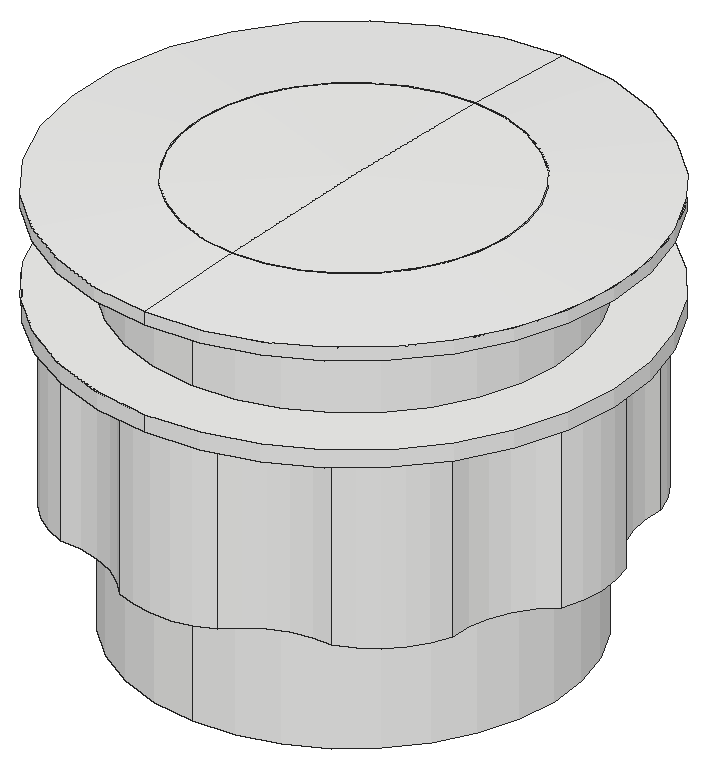
Revit family "Electronics_Masking-Generators_Biamp_Qt-Patient-Privacy-System_Emitter-W", category Communication Devices, host Face, Revit 2020 (continued)
Automatic sketch dimensions
  Extrusion 17 sketch curve to Extrusion 17 sketch curve = 0"  (x2)
  Extrusion 17 sketch curve to curve 4 = 0"
  curve 4 to Extrusion 17 sketch curve = 2.42126"
  curve 4 to Extrusion 17 sketch curve = 14.3079"
  Extrusion 17 sketch curve to Extrusion 17 sketch curve = 2.42126"  (x2)
  Extrusion 17 sketch curve to curve 4 = 2.42126"
  Extrusion 17 sketch curve to Extrusion 17 sketch curve = 1.26181"
  Sweep 18 sketch curve to curve 4 = 17.85746"
  curve 4 to Sweep 18 sketch curve = 12.16535"
  Sweep 18 sketch curve to curve 4 = 12.16535"
  Sweep 18 sketch curve to profile plane = 0"  (x3)
  profile plane to Sweep 18 sketch curve = 0.07874"
  Sweep 18 sketch curve to Sweep 18 sketch curve = 1.49606"  (x4)
  Sweep 18 sketch curve to profile plane = 4.84252"
  Sweep 18 sketch curve to Sweep 18 sketch curve = 0.07874"
  Sweep 18 sketch curve to profile plane = 0.07874"  (x2)
  Sweep 18 to Extrusion 19 sketch curve = 0.07874"
  Extrusion 19 sketch curve to Sweep 18 = 0"  (x3)
  Extrusion 19 sketch curve to Extrusion 19 sketch curve = 0.82677"
  Extrusion 19 sketch curve to Extrusion 19 sketch curve = 0.07874"  (x2)
  Extrusion 19 sketch curve to Sweep 18 = 0.59055"
  Extrusion 20 sketch curve to Sweep 18 = 0"  (x2)
  Sweep 18 to Extrusion 20 sketch curve = 0"
  Sweep 18 to Extrusion 20 sketch curve = 0.07874"
  Extrusion 20 sketch curve to Extrusion 20 sketch curve = 0.82677"
  Extrusion 20 sketch curve to Extrusion 20 sketch curve = 0.07874"  (x2)
  Sweep 18 to Extrusion 20 sketch curve = 0.59055"
  Extrusion 21 sketch curve to Sweep 18 = 0"  (x2)
  Sweep 18 to Extrusion 21 sketch curve = 25.15748"
  Sweep 18 to Extrusion 21 sketch curve = 25.23622"
  Extrusion 21 sketch curve to Extrusion 21 sketch curve = 0.82677"
  Extrusion 21 sketch curve to Extrusion 21 sketch curve = 0.07874"  (x2)
  Extrusion 21 sketch curve to Sweep 18 = 0.59055"
  Extrusion 22 sketch curve to Sweep 18 = 0"  (x2)
  Sweep 18 to Extrusion 22 sketch curve = 25.15748"
  Sweep 18 to Extrusion 22 sketch curve = 25.23622"
  Extrusion 22 sketch curve to Extrusion 22 sketch curve = 0.82677"
  Extrusion 22 sketch curve to Extrusion 22 sketch curve = 0.07874"  (x2)
  Sweep 18 to Extrusion 22 sketch curve = 0.59055"
  Sweep 23 sketch curve to level = 1.23668"
  Sweep 23 sketch curve to plane 1 "Center (Front/Back)" = 0.55221"
  Sweep 23 sketch curve to Sweep 23 sketch curve = 0.94094"
  Sweep 23 sketch curve to Sweep 23 sketch curve = 0.81102"
  Sweep 23 sketch curve to Sweep 23 sketch curve = 1.42618"
  Sweep 23 sketch curve to Sweep 23 sketch curve = 0"  (x18)
  Sweep 23 sketch curve to profile plane = 0.0092"  (x2)
  Sweep 23 sketch curve to profile plane = 0.0683"  (x2)
  Sweep 23 sketch curve to Sweep 23 sketch curve = 0.0739"
  Sweep 23 sketch curve to Sweep 23 sketch curve = 0.04123"  (x2)
  Sweep 23 sketch curve to Sweep 23 sketch curve = 0.02486"  (x2)
  Sweep 23 sketch curve to Sweep 23 sketch curve = 0.0406"  (x2)
  Sweep 23 sketch curve to Sweep 23 sketch curve = 0.07874"
  Sweep 23 sketch curve to Sweep 23 sketch curve = 0.02368"  (x2)
  Sweep 23 sketch curve to plane 3 "Center (Left/Right)" = 0.31806"
  Sweep 23 sketch curve to Sweep 23 sketch curve = 0.04053"  (x2)
  Sweep 23 sketch curve to Sweep 23 sketch curve = 0.03244"
  Sweep 23 sketch curve to Sweep 23 sketch curve = 0.0351"  (x2)
  Sweep 23 sketch curve to plane 3 "Center (Left/Right)" = 0.12412"
  Sweep 23 sketch curve to plane 3 "Center (Left/Right)" = 0.111"
  plane 3 "Center (Left/Right)" to Sweep 23 sketch curve = 0.111"
  Sweep 23 sketch curve to Sweep 23 sketch curve = 0.01312"
  Sweep 23 sketch curve to Sweep 23 sketch curve = 0.11832"
  Sweep 23 sketch curve to Sweep 23 sketch curve = 0.02357"
  Sweep 23 sketch curve to profile plane = 0.0148"  (x2)
  Revolve 24 sketch curve to level = 0"
  Revolve 24 sketch curve to plane 1 "Center (Front/Back)" = 0"  (x2)
  level to Revolve 24 sketch curve = 0.18201"
  plane 1 "Center (Front/Back)" to Revolve 24 sketch curve = 0.47679"
  level to Revolve 24 sketch curve = 0.14035"
  Revolve 24 sketch curve to Revolve 24 sketch curve = 2.47596"
  Revolve 24 sketch curve to plane 1 "Center (Front/Back)" = 0.16867"
  Revolve 24 sketch curve to Revolve 24 sketch curve = 11.65138"
  plane 1 "Center (Front/Back)" to Revolve 24 sketch curve = 0"
  Revolve 24 sketch curve to Revolve 24 sketch curve = 0.33877"
  Revolve 24 sketch curve to Revolve 24 sketch curve = 0.19685"
  Revolve 24 sketch curve to Revolve 24 sketch curve = 0.20302"
  Revolve 24 sketch curve to Revolve 24 sketch curve = 1.11409"
  Revolve 26 sketch curve to curve 1 = 0"  (x2)
  Revolve 26 sketch curve to curve 1 = 0.35442"  (x2)
  Revolve 26 sketch curve to Revolve 26 sketch curve = 0.48967"
  Revolve 26 sketch curve to Revolve 26 sketch curve = 0.12798"
  Revolve 26 sketch curve to Revolve 26 sketch curve = 0.30224"
  Revolve 26 sketch curve to Revolve 26 sketch curve = 0.40354"
  Revolve 26 sketch curve to curve 1 = 0.08916"
  Revolve 26 sketch curve to Revolve 26 sketch curve = 2.77428"
  Revolve 26 sketch curve to Revolve 26 sketch curve = 0.51684"
  Revolve 26 sketch curve to curve 1 = 8.10858"
  Revolve 26 sketch curve to Revolve 26 sketch curve = 1.25"
  Revolve 26 sketch curve to curve 1 = 1.6436"
  Revolve 26 sketch curve to curve 1 = 5.73407"
  Extrusion 27 sketch curve to plane 3 "Center (Left/Right)" = 0"
  Masking region 1 sketch curve to level = 0"
  plane 1 "Center (Front/Back)" to Masking region 1 sketch curve = 1.20079"
  Masking region 1 sketch curve to plane 1 "Center (Front/Back)" = 1.20079"
  Masking region 1 sketch curve to Masking region 1 sketch curve = 0.3937"
  Masking region 2 sketch curve to plane 1 "Center (Front/Back)" = 0"  (x2)
  plane 1 "Center (Front/Back)" to Masking region 2 sketch curve = 0.52392"
  level to Masking region 2 sketch curve = 0.3937"
  plane 1 "Center (Front/Back)" to Masking region 2 sketch curve = 0.91337"
  Masking region 2 sketch curve to plane 1 "Center (Front/Back)" = 0.52392"
  Masking region 2 sketch curve to plane 1 "Center (Front/Back)" = 0.91337"
  Masking region 2 sketch curve to Masking region 2 sketch curve = 2.69747"
  Masking region 2 sketch curve to Masking region 2 sketch curve = 0.07363"
  plane 1 "Center (Front/Back)" to Masking region 2 sketch curve = 0.34418"
  Masking region 2 sketch curve to Masking region 2 sketch curve = 0.39317"
  Masking region 2 sketch curve to Masking region 2 sketch curve = 0.04837"
  plane 1 "Center (Front/Back)" to Masking region 2 sketch curve = 0.59677"
  Masking region 2 sketch curve to plane 1 "Center (Front/Back)" = 0.34418"
  Masking region 2 sketch curve to Masking region 2 sketch curve = 0.55538"  (x2)
  Masking region 2 sketch curve to plane 1 "Center (Front/Back)" = 0.59677"
  Masking region 2 sketch curve to Masking region 2 sketch curve = 0.24907"
  Masking region 2 sketch curve to Masking region 2 sketch curve = 0.035"
  plane 1 "Center (Front/Back)" to Masking region 2 sketch curve = 0.3477"
  Masking region 3 sketch curve to curve 3 = 1.88976"
  curve 3 to Masking region 3 sketch curve = 2.44094"
  curve 3 to Masking region 3 sketch curve = 1.69291"
  Masking region 3 sketch curve to curve 3 = 1.69291"
  plane 1 "Center (Front/Back)" to Masking region 4 sketch curve = 0"  (x2)
  Masking region 4 sketch curve to plane 3 "Center (Left/Right)" = 2.84917"
  Masking region 4 sketch curve to plane 3 "Center (Left/Right)" = 1.50182"  (x2)
  plane 3 "Center (Left/Right)" to Masking region 4 sketch curve = 1.50182"  (x2)
  Masking region 4 sketch curve to Masking region 4 sketch curve = 1.34735"
  plane 1 "Center (Front/Back)" to Masking region 4 sketch curve = 1.00394"  (x2)
  Masking region 4 sketch curve to Masking region 4 sketch curve = 0.19685"  (x2)
  Masking region 4 sketch curve to plane 1 "Center (Front/Back)" = 1.00394"  (x2)
  Masking region 4 sketch curve to Masking region 4 sketch curve = 0"  (x2)
  Masking region 5 sketch curve to Masking region 5 sketch curve = 0"  (x4)
  plane 1 "Center (Front/Back)" to Masking region 5 sketch curve = 0"  (x2)
  Masking region 5 sketch curve to plane 3 "Center (Left/Right)" = 2.84917"
  Masking region 5 sketch curve to Masking region 5 sketch curve = 1.12652"  (x3)
  plane 1 "Center (Front/Back)" to Masking region 5 sketch curve = 0.91337"
  Masking region 5 sketch curve to Masking region 5 sketch curve = 0.04015"  (x2)
  plane 3 "Center (Left/Right)" to Masking region 5 sketch curve = 1.68249"  (x2)
  Masking region 5 sketch curve to plane 1 "Center (Front/Back)" = 0.91337"
  Masking region 7 sketch curve to curve 3 = 1.88976"
  curve 3 to Masking region 7 sketch curve = 2.44094"
  curve 3 to Masking region 7 sketch curve = 1.69291"
  Masking region 7 sketch curve to curve 3 = 1.69291"
  curve 7 to curve 4 = 1.78074"
  curve 7 to curve 4 = 3.75112"
  curve 4 to curve 7 = 2.54997"
  Masking region 8 sketch curve to curve 7 = 0"
  curve 7 to Masking region 8 sketch curve = 0.07874"
  curve 7 to Masking region 8 sketch curve = 10.38461"
  curve 7 to Masking region 9 sketch curve = 0.12871"
  curve 7 to Masking region 9 sketch curve = 0.07874"
  curve 7 to Masking region 9 sketch curve = 0.64052"
  Masking region 9 sketch curve to curve 7 = 4.88189"
  curve 7 to Masking region 10 sketch curve = 1.5748"
  Masking region 10 sketch curve to curve 7 = 9.53665"
  curve 7 to Masking region 10 sketch curve = 0.07874"
  curve 7 to Masking region 10 sketch curve = 10.30587"
  Masking region 11 sketch curve to curve 7 = 0"
  curve 7 to Masking region 11 sketch curve = 0.09843"
  curve 7 to Masking region 11 sketch curve = 0.97517"
  Masking region 11 sketch curve to curve 7 = 0.20594"
  curve 7 to Masking region 12 sketch curve = 0.09843"
  curve 7 to Masking region 12 sketch curve = 1.20942"
  Masking region 12 sketch curve to Masking region 12 sketch curve = 0.3563"  (x2)
  Masking region 12 sketch curve to curve 7 = 0.44019"
  Masking region 12 sketch curve to Masking region 12 sketch curve = 1.15567"
  Masking region 12 sketch curve to Masking region 12 sketch curve = 0.35087"  (x2)
  Masking region 13 sketch curve to Masking region 13 sketch curve = 0"  (x10)
  Masking region 13 sketch curve to curve 7 = 0.02471"
  Masking region 13 sketch curve to curve 7 = 0.01486"
  curve 7 to Masking region 13 sketch curve = 0.01406"
  curve 7 to Masking region 13 sketch curve = 0.02489"
  Masking region 13 sketch curve to Masking region 13 sketch curve = 0.03802"  (x3)
  curve 7 to Masking region 13 sketch curve = 0.05907"  (x2)
  curve 7 to Masking region 13 sketch curve = 0.13452"
  Masking region 13 sketch curve to Masking region 13 sketch curve = 0.03975"  (x3)
  curve 7 to Masking region 13 sketch curve = 0.08043"  (x2)
  Masking region 13 sketch curve to Masking region 13 sketch curve = 0.03621"  (x2)
  Masking region 13 sketch curve to Masking region 13 sketch curve = 0.03402"  (x2)
  Masking region 13 sketch curve to Masking region 13 sketch curve = 0.00017"  (x2)
  curve 7 to Masking region 13 sketch curve = 1.20942"
  Masking region 13 sketch curve to curve 7 = 0.24595"  (x2)
  Masking region 13 sketch curve to Masking region 13 sketch curve = 0.42416"
  curve 7 to Masking region 13 sketch curve = 0.07149"
  curve 7 to Masking region 13 sketch curve = 0.56461"
  Masking region 13 sketch curve to Masking region 13 sketch curve = 0.03005"
  curve 7 to Masking region 13 sketch curve = 0.24952"  (x2)
  curve 7 to Masking region 13 sketch curve = 0.18812"
  Masking region 13 sketch curve to Masking region 13 sketch curve = 0.01083"
  curve 7 to Masking region 13 sketch curve = 0.25083"
  Masking region 13 sketch curve to curve 7 = 1.50731"
  Masking region 13 sketch curve to Masking region 13 sketch curve = 0.04664"
  Masking region 13 sketch curve to curve 7 = 0.25083"
  Masking region 13 sketch curve to Masking region 13 sketch curve = 0.00131"
  Masking region 13 sketch curve to Masking region 13 sketch curve = 0.0067"  (x2)
  Masking region 13 sketch curve to Masking region 13 sketch curve = 0.0057"  (x2)
  Masking region 13 sketch curve to Masking region 13 sketch curve = 0.006"
  Masking region 13 sketch curve to Masking region 13 sketch curve = 0.01494"  (x2)
  Masking region 13 sketch curve to curve 7 = 1.99267"
  Masking region 13 sketch curve to curve 7 = 0.44019"
  Masking region 14 sketch curve to curve 7 = 0"
  curve 7 to Masking region 14 sketch curve = 0.09843"
  curve 7 to Masking region 14 sketch curve = 0.97517"
  Masking region 14 sketch curve to curve 7 = 0.20594"
  curve 7 to Masking region 15 sketch curve = 0.15748"
  Masking region 15 sketch curve to curve 7 = 11.45003"
  curve 7 to Masking region 15 sketch curve = 12.21926"
  Masking region 15 sketch curve to Masking region 15 sketch curve = 0.05906"
  curve 7 to Masking region 16 sketch curve = 1.20942"
  Masking region 16 sketch curve to Masking region 16 sketch curve = 0.3563"  (x2)
  Masking region 16 sketch curve to curve 7 = 0.79649"
  Masking region 16 sketch curve to curve 7 = 1.60497"  (x2)
  Masking region 16 sketch curve to Masking region 16 sketch curve = 0.35087"
  curve 7 to Masking region 16 sketch curve = 0.15748"
  Masking region 17 sketch curve to Masking region 17 sketch curve = 0"  (x8)
  Masking region 17 sketch curve to curve 7 = 0.2405"
  Masking region 17 sketch curve to Masking region 17 sketch curve = 0.0194"
  Masking region 17 sketch curve to Masking region 17 sketch curve = 0.037"
  Masking region 17 sketch curve to Masking region 17 sketch curve = 0.03892"  (x2)
  Masking region 17 sketch curve to Masking region 17 sketch curve = 0.03529"
  Masking region 17 sketch curve to Masking region 17 sketch curve = 0.00099"  (x2)
  Masking region 17 sketch curve to curve 7 = 0.10729"
  Masking region 17 sketch curve to Masking region 17 sketch curve = 0.03937"  (x2)
  Masking region 17 sketch curve to Masking region 17 sketch curve = 0.03212"
  Masking region 17 sketch curve to Masking region 17 sketch curve = 0.00242"  (x2)
  curve 7 to Masking region 17 sketch curve = 1.20942"
  Masking region 17 sketch curve to curve 7 = 0.45526"  (x2)
  Masking region 17 sketch curve to Masking region 17 sketch curve = 1.08034"
  curve 7 to Masking region 17 sketch curve = 0.24252"
  curve 7 to Masking region 17 sketch curve = 0.8026"
  Masking region 17 sketch curve to Masking region 17 sketch curve = 0.03455"
  Masking region 17 sketch curve to Masking region 17 sketch curve = 0.03861"
  curve 7 to Masking region 17 sketch curve = 0.43436"
  Masking region 17 sketch curve to Masking region 17 sketch curve = 0.03628"
  curve 7 to Masking region 17 sketch curve = 0.37578"
  Masking region 17 sketch curve to Masking region 17 sketch curve = 0.02132"
  curve 7 to Masking region 17 sketch curve = 0.44255"
  Masking region 17 sketch curve to curve 7 = 1.47012"
  Masking region 17 sketch curve to Masking region 17 sketch curve = 0.04257"
  Masking region 17 sketch curve to curve 7 = 0.44255"
  Masking region 17 sketch curve to Masking region 17 sketch curve = 0.00819"
  Masking region 17 sketch curve to curve 7 = 0.24252"
  Masking region 17 sketch curve to Masking region 17 sketch curve = 0.01475"  (x2)
  curve 7 to Masking region 17 sketch curve = 2.0098"
  Masking region 17 sketch curve to curve 7 = 0.44019"
  Masking region 18 sketch curve to level = 0"
  Masking region 18 sketch curve to plane 3 "Center (Left/Right)" = 0.84394"
  plane 3 "Center (Left/Right)" to Masking region 18 sketch curve = 0.84394"
  Masking region 18 sketch curve to Masking region 18 sketch curve = 2.10881"
  Masking region 18 sketch curve to level = 6.33476"
  Masking region 18 sketch curve to Masking region 18 sketch curve = 0"
  Masking region 18 sketch curve to Masking region 18 sketch curve = 0.14035"  (x2)
  Masking region 19 sketch curve to plane 3 "Center (Left/Right)" = 0.33877"
  plane 3 "Center (Left/Right)" to Masking region 19 sketch curve = 0.33877"
  Masking region 19 sketch curve to plane 3 "Center (Left/Right)" = 0.4356"
  plane 3 "Center (Left/Right)" to Masking region 19 sketch curve = 0.4356"
  level to Masking region 19 sketch curve = 0.4751"
  Masking region 19 sketch curve to Masking region 19 sketch curve = 0.68895"
  curve 1 to curve 8 = 0.40996"
  curve 8 to curve 1 = 1.19451"
  curve 1 to curve 8 = 1.47516"
  Masking region 20 sketch curve to plane 3 "Center (Left/Right)" = 0.05877"
  plane 3 "Center (Left/Right)" to Masking region 20 sketch curve = 0.05877"
  Masking region 21 sketch curve to curve 8 = 0"
  curve 8 to Masking region 21 sketch curve = 0.04227"  (x2)
  Masking region 21 sketch curve to curve 8 = 2.89969"
  Masking region 21 sketch curve to curve 8 = 0.45903"
  curve 8 to Masking region 21 sketch curve = 0.27732"
  Masking region 21 sketch curve to Masking region 21 sketch curve = 0.29954"  (x2)
  Masking region 21 sketch curve to curve 8 = 0.85751"
  curve 8 to Masking region 21 sketch curve = 0.17838"
  curve 8 to Masking region 21 sketch curve = 2.61904"
  curve 8 to Masking region 21 sketch curve = 0.91063"  (x2)
  curve 8 to Masking region 21 sketch curve = 1.42747"  (x2)
  curve 8 to Masking region 21 sketch curve = 8.10858"
  Masking region 22 sketch curve to curve 7 = 0"
  curve 7 to Masking region 22 sketch curve = 0.09843"
  curve 7 to Masking region 22 sketch curve = 0.92398"
  Masking region 22 sketch curve to curve 7 = 0.15476"
  curve 7 to Masking region 23 sketch curve = 1.15657"
  curve 7 to Masking region 23 sketch curve = 0.09843"
  curve 7 to Masking region 23 sketch curve = 1.01011"
  Masking region 23 sketch curve to curve 7 = 0.24088"
  Masking region 24 sketch curve to level = 0"
  Masking region 24 sketch curve to plane 3 "Center (Left/Right)" = 1.81299"
  plane 3 "Center (Left/Right)" to Masking region 24 sketch curve = 1.81299"
  Masking region 24 sketch curve to Masking region 24 sketch curve = 0.3937"
  Masking region 25 sketch curve to plane 3 "Center (Left/Right)" = 1.81299"
  Masking region 25 sketch curve to Masking region 25 sketch curve = 0.0703"  (x2)
  plane 3 "Center (Left/Right)" to Masking region 25 sketch curve = 1.74269"
  level to Masking region 25 sketch curve = 0.3937"  (x2)
  Masking region 25 sketch curve to Masking region 25 sketch curve = 3.22522"  (x2)
  Masking region 26 sketch curve to plane 3 "Center (Left/Right)" = 1.69291"
  plane 3 "Center (Left/Right)" to Masking region 26 sketch curve = 1.69291"
  Masking region 26 sketch curve to level = 2.51969"
  level to Masking region 26 sketch curve = 1.81102"
  Masking region 27 sketch curve to plane 1 "Center (Front/Back)" = 1.87008"
  Masking region 27 sketch curve to plane 3 "Center (Left/Right)" = 0"
  plane 1 "Center (Front/Back)" to Masking region 28 sketch curve = 2.5"
  Masking region 28 sketch curve to plane 3 "Center (Left/Right)" = 14"
  plane 3 "Center (Left/Right)" to Masking region 28 sketch curve = 14"
  Masking region 28 sketch curve to plane 1 "Center (Front/Back)" = 2.5"
  Masking region 29 sketch curve to Masking region 29 sketch curve = 0"  (x2)
  plane 1 "Center (Front/Back)" to Masking region 29 sketch curve = 0"
  Masking region 29 sketch curve to plane 3 "Center (Left/Right)" = 0"
  Masking region 29 sketch curve to plane 1 "Center (Front/Back)" = 0.27559"  (x2)
  Masking region 29 sketch curve to plane 3 "Center (Left/Right)" = 1.67033"
  plane 1 "Center (Front/Back)" to Masking region 29 sketch curve = 0.27559"  (x2)
  Masking region 29 sketch curve to Masking region 29 sketch curve = 1.12013"  (x2)
  plane 3 "Center (Left/Right)" to Masking region 29 sketch curve = 1.67033"
  Masking region 31 sketch curve to plane 1 "Center (Front/Back)" = 3.99606"
  Masking region 31 sketch curve to plane 3 "Center (Left/Right)" = 12.16535"
  plane 1 "Center (Front/Back)" to Masking region 31 sketch curve = 2.42126"
  Masking region 31 sketch curve to Masking region 31 sketch curve = 0"  (x2)
  plane 3 "Center (Left/Right)" to Masking region 31 sketch curve = 12.16535"
  Masking region 31 sketch curve to Masking region 31 sketch curve = 1.5748"  (x2)
  plane 1 "Center (Front/Back)" to Masking region 30 sketch curve = 0"
  Masking region 30 sketch curve to plane 3 "Center (Left/Right)" = 0"
  Masking region 30 sketch curve to plane 3 "Center (Left/Right)" = 2.42126"
  plane 3 "Center (Left/Right)" to Masking region 30 sketch curve = 2.42126"
  plane 1 "Center (Front/Back)" to Masking region 30 sketch curve = 2.42126"
  Masking region 30 sketch curve to plane 1 "Center (Front/Back)" = 2.42126"
  Masking region 32 sketch curve to plane 1 "Center (Front/Back)" = 3.48425"
  Masking region 32 sketch curve to plane 3 "Center (Left/Right)" = 13.07087"
  Masking region 32 sketch curve to Masking region 32 sketch curve = 0"  (x2)
  Masking region 32 sketch curve to Masking region 32 sketch curve = 0.99926"  (x4)
  Masking region 32 sketch curve to plane 1 "Center (Front/Back)" = 2.5"
  plane 3 "Center (Left/Right)" to Masking region 32 sketch curve = 12.0716"
  plane 1 "Center (Front/Back)" to Masking region 32 sketch curve = 2.5"  (x2)
  Masking region 32 sketch curve to Masking region 32 sketch curve = 0.98425"  (x4)
  Masking region 33 sketch curve to Masking region 33 sketch curve = 0.70472"
  Masking region 33 sketch curve to Masking region 33 sketch curve = 0"
  plane 1 "Center (Front/Back)" to Masking region 33 sketch curve = 0"
  plane 3 "Center (Left/Right)" to Masking region 33 sketch curve = 0.35236"
  Masking region 33 sketch curve to plane 1 "Center (Front/Back)" = 0.27559"  (x2)
  Masking region 33 sketch curve to plane 3 "Center (Left/Right)" = 1.31797"
  plane 1 "Center (Front/Back)" to Masking region 33 sketch curve = 0.27559"  (x2)
  Masking region 33 sketch curve to Masking region 33 sketch curve = 1.25671"  (x2)
  plane 3 "Center (Left/Right)" to Masking region 33 sketch curve = 1.31797"
  Masking region 34 sketch curve to Masking region 34 sketch curve = 0"  (x2)
  plane 1 "Center (Front/Back)" to Masking region 34 sketch curve = 0"
  Masking region 34 sketch curve to plane 3 "Center (Left/Right)" = 0"
  plane 1 "Center (Front/Back)" to Masking region 35 sketch curve = 0"  (x3)
  Masking region 35 sketch curve to plane 3 "Center (Left/Right)" = 0"  (x3)
  Masking region 35 sketch curve to plane 3 "Center (Left/Right)" = 0.62978"  (x2)
  Masking region 35 sketch curve to plane 3 "Center (Left/Right)" = 0.76382"  (x2)
  Masking region 35 sketch curve to Masking region 35 sketch curve = 0.26689"
  Masking region 35 sketch curve to Masking region 35 sketch curve = 0.99066"
  Masking region 35 sketch curve to Masking region 35 sketch curve = 1.25754"
  plane 3 "Center (Left/Right)" to Masking region 35 sketch curve = 0.64458"  (x2)
  plane 3 "Center (Left/Right)" to Masking region 35 sketch curve = 0.80813"  (x2)
  Masking region 35 sketch curve to Masking region 35 sketch curve = 0.25209"
  Masking region 35 sketch curve to Masking region 35 sketch curve = 1.00865"  (x2)
  plane 1 "Center (Front/Back)" to Masking region 35 sketch curve = 0.62332"
  plane 1 "Center (Front/Back)" to Masking region 35 sketch curve = 0.63827"
  plane 1 "Center (Front/Back)" to Masking region 35 sketch curve = 0.74467"
  plane 1 "Center (Front/Back)" to Masking region 35 sketch curve = 0.78917"
  Masking region 35 sketch curve to Masking region 35 sketch curve = 0.2584"  (x2)
  Masking region 35 sketch curve to Masking region 35 sketch curve = 1.25596"  (x2)
  Masking region 35 sketch curve to Masking region 35 sketch curve = 1.00106"  (x2)
  Masking region 35 sketch curve to plane 1 "Center (Front/Back)" = 0.62332"
  Masking region 35 sketch curve to plane 1 "Center (Front/Back)" = 0.63827"
  Masking region 35 sketch curve to plane 1 "Center (Front/Back)" = 0.74467"
  Masking region 35 sketch curve to plane 1 "Center (Front/Back)" = 0.78917"
  Masking region 35 sketch curve to plane 3 "Center (Left/Right)" = 0.26731"  (x2)
  Masking region 35 sketch curve to Masking region 35 sketch curve = 0.55598"  (x2)
  Masking region 35 sketch curve to Masking region 35 sketch curve = 0.42037"  (x2)
  Masking region 35 sketch curve to plane 1 "Center (Front/Back)" = 0.29528"
  Masking region 35 sketch curve to Masking region 35 sketch curve = 0.22778"
  plane 1 "Center (Front/Back)" to Masking region 35 sketch curve = 0.29528"
  plane 3 "Center (Left/Right)" to Masking region 35 sketch curve = 0.31764"  (x2)
  Masking region 35 sketch curve to Masking region 35 sketch curve = 0.53486"  (x2)
  Masking region 35 sketch curve to Masking region 35 sketch curve = 0.41052"  (x2)
  Masking region 35 sketch curve to plane 1 "Center (Front/Back)" = 0.24723"
  Masking region 35 sketch curve to Masking region 35 sketch curve = 0"  (x2)
  Masking region 35 sketch curve to Masking region 35 sketch curve = 0.22316"
  Masking region 36 sketch curve to Masking region 36 sketch curve = 0"  (x2)
  Masking region 36 sketch curve to plane 3 "Center (Left/Right)" = 0"
  plane 1 "Center (Front/Back)" to Masking region 36 sketch curve = 0"
  plane 1 "Center (Front/Back)" to Masking region 36 sketch curve = 2.95276"
  level to Masking region 6 sketch curve = 0.18911"
  plane 1 "Center (Front/Back)" to Masking region 6 sketch curve = 1.19975"
  Masking region 6 sketch curve to Masking region 6 sketch curve = 0.81102"
  Masking region 6 sketch curve to Masking region 6 sketch curve = 0.75147"
  Masking region 6 sketch curve to Masking region 6 sketch curve = 0.18844"
  Masking region 6 sketch curve to level = 0.00015"
  Masking region 6 sketch curve to level = 1.04733"
  Masking region 6 sketch curve to Masking region 6 sketch curve = 0.18927"
  curve 7 to Masking region 37 sketch curve = 0.07874"  (x4)
  Masking region 37 sketch curve to curve 7 = 10.5209"
  Masking region 37 sketch curve to Masking region 37 sketch curve = 0.07874"  (x6)
  Masking region 37 sketch curve to Masking region 37 sketch curve = 0.82677"  (x2)
  curve 7 to Masking region 37 sketch curve = 2.24409"
  curve 7 to Masking region 37 sketch curve = 10.30587"
  Masking region 37 sketch curve to Masking region 37 sketch curve = 2.16535"
  Masking region 8 sketch curve to curve 7 = 9.61539"
  Revolve 28 sketch curve to curve 1 = 0"  (x2)
  curve 1 to Revolve 28 sketch curve = 0.20552"  (x2)
  curve 1 to Revolve 28 sketch curve = 0.89558"
  Revolve 28 sketch curve to Revolve 28 sketch curve = 0.40354"
  Revolve 28 sketch curve to curve 1 = 5.73407"
  Revolve 28 sketch curve to curve 1 = 8.10858"
  curve 1 to Revolve 28 sketch curve = 0.13525"
  Revolve 28 sketch curve to curve 1 = 1.42747"
  Revolve 28 sketch curve to curve 1 = 1.6436"
  Extrusion 29 sketch curve to Extrusion 29 sketch curve = 0"  (x4)
  plane 1 "Center (Front/Back)" to Extrusion 29 sketch curve = 0"  (x2)
  Extrusion 29 sketch curve to plane 3 "Center (Left/Right)" = 2.84917"
  Extrusion 29 sketch curve to Extrusion 29 sketch curve = 1.15554"  (x3)
  Extrusion 29 sketch curve to plane 1 "Center (Front/Back)" = 1.04819"  (x2)
  Extrusion 29 sketch curve to Extrusion 29 sketch curve = 0.03836"  (x4)
  plane 1 "Center (Front/Back)" to Extrusion 29 sketch curve = 1.03934"  (x2)
  plane 3 "Center (Left/Right)" to Extrusion 29 sketch curve = 1.65527"  (x2)
  Extrusion 30 sketch curve to plane 1 "Center (Front/Back)" = 0"
  level to Extrusion 30 sketch curve = 0.39416"  (x2)
  Extrusion 30 sketch curve to Extrusion 30 sketch curve = 0.29398"
  Extrusion 30 sketch curve to Extrusion 30 sketch curve = 0.32689"
  Extrusion 30 sketch curve to Extrusion 30 sketch curve = 1.16636"
  plane 1 "Center (Front/Back)" to Extrusion 30 sketch curve = 0.52392"
  plane 1 "Center (Front/Back)" to Extrusion 30 sketch curve = 0.9133"
  Extrusion 30 sketch curve to plane 1 "Center (Front/Back)" = 0.52392"
  Extrusion 30 sketch curve to plane 1 "Center (Front/Back)" = 0.9133"
  Extrusion 30 sketch curve to Extrusion 30 sketch curve = 2.69701"
  Extrusion 30 sketch curve to Extrusion 30 sketch curve = 0.07363"
  Sweep 31 sketch curve to plane 1 "Center (Front/Back)" = 0.55221"
  Sweep 31 sketch curve to level = 1.23668"
  level to Sweep 31 sketch curve = 0.1895"
  plane 1 "Center (Front/Back)" to Sweep 31 sketch curve = 0.38873"
  plane 1 "Center (Front/Back)" to Sweep 31 sketch curve = 1.19975"
  Sweep 31 sketch curve to plane 3 "Center (Left/Right)" = 0.35679"
  Sweep 31 sketch curve to profile plane = 0.00039"
  Sweep 31 sketch curve to Sweep 31 sketch curve = 0.18848"
  plane 3 "Center (Left/Right)" to Sweep 31 sketch curve = 0.35679"
  curve 2 to curve 3 = 1.65856"
  curve 1 to plane 1 "Center (Front/Back)" = 0.20552"
  plane 1 "Center (Front/Back)" to curve 1 = 0.35442"
  plane 1 "Center (Front/Back)" to curve 2 = 2.53027"
  plane 1 "Center (Front/Back)" to Extrusion 5 sketch curve = 0"
  Extrusion 5 sketch curve to plane 3 "Center (Left/Right)" = 0"
  curve 3 to curve 6 = 2.40157"
  curve 5 to curve 3 = 9.40113"
  curve 3 to curve 6 = 4.72491"
  curve 6 to curve 6 = 1.37795"
  curve 6 to curve 5 = 0.24404"
  radius of Extrusion 6 sketch curve = 1.62598"
  radius of Extrusion 7 sketch curve to Extrusion 6 = 0"
  radius of Extrusion 9 sketch curve to Extrusion 8 = 0"
  radius of Extrusion 8 sketch curve = 1.5748"
  radius of Extrusion 9 sketch curve to Extrusion 8 = 0.23425"
  radius of Extrusion 12 sketch curve to Extrusion 9 = 0"  (x2)
  radius of Extrusion 13 sketch curve = 1.5748"
  radius of Extrusion 14 sketch curve to Extrusion 13 = 0"
  radius of Extrusion 13 to Extrusion 14 sketch curve = 0.07874"
  radius of Extrusion 25 sketch curve to Revolve 24 = 0.28"
  radius of Extrusion 27 sketch curve = 1.69291"
  radius of Masking region 27 sketch curve = 1.69291"
  radius of Masking region 30 sketch curve = 1.69291"
  radius of Masking region 34 sketch curve = 1.34055"
  radius of Masking region 34 sketch curve = 1.26181"
  radius of Extrusion 32 sketch curve to Extrusion 6 = 0"
  radius of Extrusion 32 sketch curve to Extrusion 6 = 0.08313"
Nested families (in)
  nested 1: "EMITTER" at (0, 0, -0.00166), Housing Material <- "Housing Material", Grid Matreial <- "Grid Material", type "EMITTER"
    with Housing Material Biamp - Plastic - White, Grid Matreial Biamp - Plastic - White(Grid)
  nested 2: "Universal Mount" at (0, 0, 0), type "Universal Mount"
  nested 3: "Beam Mount" at (0, 0, 0), type "Beam Mount"
  nested 4: "Pendant Mount" at (0, 0, 0), type "Pendant Mount"
  nested 5: "Drywall Mount" at (0, 0, 0), type "Drywall Mount"
  nested 6: "Drywall Rough-in Mount" at (0, 0, 0), type "Drywall Rough-in Mount"
  nested 7: "Ceiling Conduit Mount" at (0, 0, 0), type "Ceiling Conduit Mount"
  nested 8: "Standard Mount" at (0, 0, 0), type "Standard Mount"
  nested 9: "Family2" at (0, 0, -4.33071), Housing Material <- "Housing Material", visible <- "Nom Universal Mount", type "Family2"
    with Housing Material Biamp - Plastic - White
Connectors (in)
  electrical at (-0.21646, -0.13663, -2.2977), driven by "Connector Description"
    settings: on nested 1, index 1, voltage 0 V, apparent load 0 VA, apparent load phase1 0 VA, apparent load phase2 0 VA, apparent load phase3 0 VA, power factor 1, load classification "Other", number of poles 1, system type 5, power factor state 1, is connector primary yes, connector utility no, sub classification motor no, connector description "RJ-45 Input"
  electrical at (0.21646, -0.13663, -2.2977)
    settings: on nested 1, index 2, voltage 0 V, apparent load 0 VA, apparent load phase1 0 VA, apparent load phase2 0 VA, apparent load phase3 0 VA, power factor 1, load classification "Other", number of poles 1, system type 5, power factor state 1, is connector primary no, connector utility no, sub classification motor no, connector description "RJ-45 Output"
Definition of nested family "EMITTER"
  Parameters (values of type "EMITTER")
    Housing Material [instance] = none
    Grid Matreial [instance] = none
    Default Elevation = 48"
  Reference planes (in)
    plane 1 "Center (Front/Back)": y = 0
    plane 2: z = 0
    plane 3 "Center (Left/Right)": x = 0
  Forms (in)
    Revolve 1, solid, material <- "Housing Material", detail levels medium+fine
      sketch origin (0, 0, 0) x (0, 1, 0) y (0, 0, 1)
        loop
          line (-1.25, 0) -> (-1.25, -2.37451) -> (0, -2.37451) -> (0, 0.12549)
          arc (0, 0.12549) -> (-0.8134, 0.11255) -> (-1.62598, 0.07375) r 25.57567
          line (-1.62598, 0.07375) -> (-1.62598, 0) -> (-1.25, 0)
        axis (0, -2.37451) -> (0, 0.12549)
      angle from 0 to 360
    Revolve 2, void
      sketch origin (0, 0, 0) x (0, 1, 0) y (0, 0, 1)
        loop
          arc (0, 0.12549) -> (-0.47474, 0.12109) -> (-0.94931, 0.10787) r 25.57567
          line (-0.94931, 0.10787) -> (-0.94931, 0) -> (0, 0) -> (0, 0.12549)
        axis (0, 0) -> (0, 0.12549)
      angle from 0 to 360
    Revolve 3, solid, material <- "Grid Matreial", detail levels medium+fine
      sketch origin (0, 0, 0) x (0, 1, 0) y (0, 0, 1)
        loop
          arc (0, 0.12549) -> (-0.47474, 0.12109) -> (-0.94931, 0.10787) r 25.57567
          line (-0.94931, 0.10787) -> (-0.94931, 0) -> (0, 0) -> (0, 0.12549)
        axis (0, 0) -> (0, 0.12549)
      angle from 0 to 360
    Revolve 4, solid, material <- "Housing Material", detail levels coarse
      sketch origin (0, 0, 0) x (0, 1, 0) y (0, 0, 1)
        loop
          line (-1.25, 0) -> (-1.25, -2.37451) -> (0, -2.37451) -> (0, 0.12549)
          arc (0, 0.12549) -> (-0.8134, 0.11255) -> (-1.62598, 0.07375) r 25.57567
          line (-1.62598, 0.07375) -> (-1.62598, 0) -> (-1.25, 0)
        axis (0, -2.37451) -> (0, 0.12549)
      angle from 0 to 360
    Extrusion 5, void
      sketch origin (0, 0, -2.37451) x (-1, 0, 0) y (0, 1, 0)
        loop
          line (-0.39233, -0.3317) -> (-0.04058, -0.3317) -> (-0.04058, -0.13485) -> (-0.08677, -0.13485) -> (-0.08677, -0.0872) -> (-0.13298, -0.0872) -> (-0.13298, -0.04397) -> (-0.29994, -0.04397) -> (-0.29994, -0.0872) -> (-0.34615, -0.0872) -> (-0.34615, -0.13485) -> (-0.39233, -0.13485) -> (-0.39233, -0.3317)
        loop
          line (0.04058, -0.3317) -> (0.39233, -0.3317) -> (0.39233, -0.13485) -> (0.34615, -0.13485) -> (0.34615, -0.0872) -> (0.29994, -0.0872) -> (0.29994, -0.04397) -> (0.13298, -0.04397) -> (0.13298, -0.0872) -> (0.08677, -0.0872) -> (0.08677, -0.13485) -> (0.04058, -0.13485) -> (0.04058, -0.3317)
      from -0.07847 to 0
  Cuts and joins
    Revolve 2, Extrusion 5 cuts Revolve 1
    Extrusion 5 cuts Revolve 4
  Lines and regions (in)
    Masking region 1
      outline origin (0, 0, 0) x (1, 0, 0) y (0, 1, 0)
        loop
          circle (0, 0) r 1.62598
    Masking region 2
      outline origin (0, 0, 0) x (1, 0, 0) y (0, 0, 1)
        loop
          line (-1.62598, 0) -> (1.62598, 0) -> (1.62598, 0.07375)
          arc (1.62598, 0.07375) -> (0, 0.12665) -> (-1.62598, 0.07375) r 25.01577
          line (-1.62598, 0.07375) -> (-1.62598, 0)
    Masking region 3
      outline origin (0, 0, 0) x (1, 0, 0) y (0, 0, 1)
        loop
          line (-1.25, 0) -> (-1.25, -2.37451) -> (1.25, -2.37451) -> (1.25, 0) -> (-1.25, 0)
    Masking region 4
      outline origin (0, 0, 0) x (0, 1, 0) y (0, 0, 1)
        loop
          line (-1.25, 0) -> (-1.25, -2.37451) -> (1.25, -2.37451) -> (1.25, 0) -> (-1.25, 0)
    Masking region 5
      outline origin (0, 0, 0) x (0, 1, 0) y (0, 0, 1)
        loop
          arc (1.62598, 0.07375) -> (0, 0.12691) -> (-1.62598, 0.07375) r 24.89362
          line (-1.62598, 0.07375) -> (-1.62598, 0) -> (1.62598, 0) -> (1.62598, 0.07375)
  Dimensions and locks (in)
    aligned and locked: level to plane 2
Definition of nested family "Family2"
  Parameters (values of type "Family2")
    Housing Material [instance] = none
    Default Elevation = 48"
  Reference planes (in)
    plane 1 "Center (Front/Back)": y = 0
    plane 2: z = 0
    plane 3 "Center (Left/Right)": x = 0
  Forms (in)
    Extrusion 1, solid, material <- "Housing Material"
      sketch origin (0, 0, 0) x (1, 0, 0) y (0, 1, 0)
        loop
          circle (0, 0) r 1.69291
        loop
          circle (0, 0) r 1.25197
      from 0 to 4.33071
  Lines and regions (in)
    Masking region 1
      outline origin (0, 0, 0) x (1, 0, 0) y (0, 1, 0)
        loop
          circle (0, 0) r 1.69291
        loop
          circle (0, 0) r 1.25197
    Masking region 2
      outline origin (0, 0, 0) x (0, 1, 0) y (0, 0, 1)
        loop
          line (-1.69291, 4.33071) -> (-1.69291, 0) -> (1.69291, 0) -> (1.69291, 4.33071) -> (-1.69291, 4.33071)
    Masking region 3
      outline origin (0, 0, 0) x (1, 0, 0) y (0, 0, 1)
        loop
          line (1.69291, 4.33071) -> (-1.69291, 4.33071) -> (-1.69291, 0) -> (1.69291, 0) -> (1.69291, 4.33071)
  Dimensions and locks (in)
    aligned and locked: level to plane 2
Definition of nested family "Universal Mount"
  Parameters (values of type "Universal Mount")
    Height = 0"
    Default Elevation = 0"
  Reference planes (in)
    plane 1 "Center (Front/Back)": y = 0
    plane 2: z = 0
    plane 3 "Center (Left/Right)": x = 0
  Dimensions and locks (in)
    aligned and locked: level to plane 2
Definition of nested family "Beam Mount"
  Parameters (values of type "Beam Mount")
    Height = 0"
    Default Elevation = 0"
  Reference planes (in)
    plane 1 "Center (Front/Back)": y = 0
    plane 2: z = 0
    plane 3 "Center (Left/Right)": x = 0
  Dimensions and locks (in)
    aligned and locked: level to plane 2
Definition of nested family "Pendant Mount"
  Parameters (values of type "Pendant Mount")
    Height = 0"
    Default Elevation = 0"
  Reference planes (in)
    plane 1 "Center (Front/Back)": y = 0
    plane 2: z = 0
    plane 3 "Center (Left/Right)": x = 0
  Dimensions and locks (in)
    aligned and locked: level to plane 2
Definition of nested family "Drywall Mount"
  Parameters (values of type "Drywall Mount")
    Height = 0"
    Default Elevation = 0"
  Reference planes (in)
    plane 1 "Center (Front/Back)": y = 0
    plane 2: z = 0
    plane 3 "Center (Left/Right)": x = 0
  Dimensions and locks (in)
    aligned and locked: level to plane 2
Definition of nested family "Drywall Rough-in Mount"
  Parameters (values of type "Drywall Rough-in Mount")
    Height = 0"
    Default Elevation = 0"
  Reference planes (in)
    plane 1 "Center (Front/Back)": y = 0
    plane 2: z = 0
    plane 3 "Center (Left/Right)": x = 0
  Dimensions and locks (in)
    aligned and locked: level to plane 2
Definition of nested family "Ceiling Conduit Mount"
  Parameters (values of type "Ceiling Couduit Mount")
    Height = 0"
    Default Elevation = 0"
  Reference planes (in)
    plane 1 "Center (Front/Back)": y = 0
    plane 2: z = 0
    plane 3 "Center (Left/Right)": x = 0
  Dimensions and locks (in)
    aligned and locked: level to plane 2
Definition of nested family "Standard Mount"
  Parameters (values of type "Standart Mount")
    Height = 0"
    Default Elevation = 0"
  Reference planes (in)
    plane 1 "Center (Front/Back)": y = 0
    plane 2: z = 0
    plane 3 "Center (Left/Right)": x = 0
  Dimensions and locks (in)
    aligned and locked: level to plane 2
